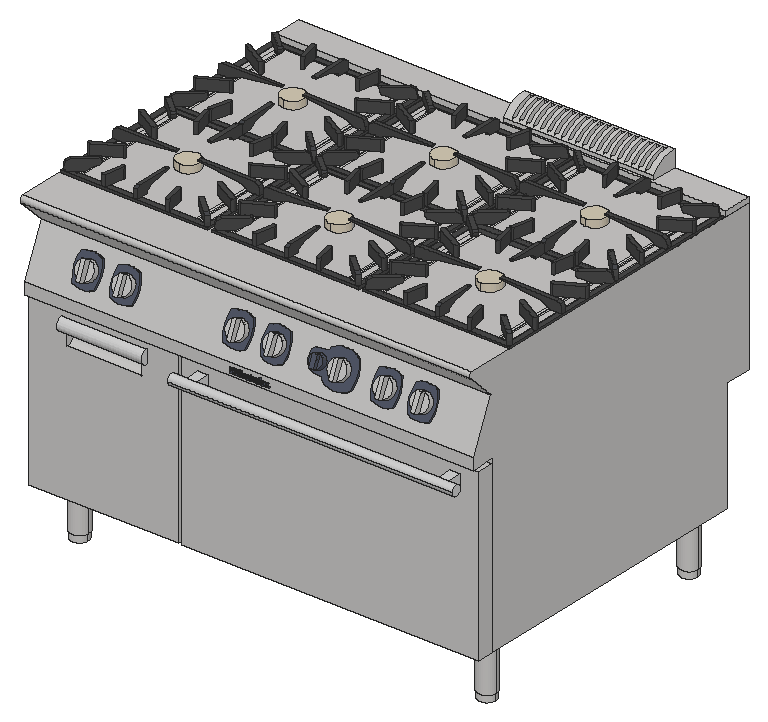
Revit family "QF_ELECTROLUXPROFESSIONAL_391462_E9AANABFMIE", category Attrezzature speciali, Revit 2018 (continued)
Automatic sketch dimensions
  Extrusion 36 sketch curve to Extrusion 36 sketch curve = 0.002 mm
  Extrusion 36 sketch curve to Extrusion 36 sketch curve = 0.561 mm
  Extrusion 36 sketch curve to Extrusion 36 sketch curve = 0.592 mm
  Extrusion 36 sketch curve to Extrusion 36 sketch curve = 2.692 mm
  Extrusion 36 sketch curve to Extrusion 36 sketch curve = 1.259 mm
  plane 7 "Center Y" to Extrusion 36 sketch curve = 48.858 mm
  Extrusion 36 sketch curve to Extrusion 36 sketch curve = 0.802 mm
  Extrusion 36 sketch curve to Extrusion 36 sketch curve = 1.024 mm
  Extrusion 36 sketch curve to Extrusion 36 sketch curve = 0.682 mm
  Extrusion 36 sketch curve to Extrusion 36 sketch curve = 5.934 mm
  Extrusion 36 sketch curve to Extrusion 36 sketch curve = 2.186 mm
  Extrusion 36 sketch curve to Extrusion 36 sketch curve = 0.337 mm
  Extrusion 36 sketch curve to Extrusion 36 sketch curve = 0.021 mm
  Extrusion 36 sketch curve to Extrusion 36 sketch curve = 1.005 mm
  Extrusion 36 sketch curve to Extrusion 36 sketch curve = 0.552 mm
  Extrusion 36 sketch curve to Extrusion 36 sketch curve = 0.778 mm
  Extrusion 36 sketch curve to Extrusion 36 sketch curve = 0.063 mm
  Extrusion 36 sketch curve to Extrusion 36 sketch curve = 1.023 mm
  Extrusion 36 sketch curve to Extrusion 36 sketch curve = 3.804 mm
  Extrusion 36 sketch curve to Extrusion 36 sketch curve = 0.486 mm
  Extrusion 36 sketch curve to Extrusion 36 sketch curve = 0.266 mm
  Extrusion 36 sketch curve to plane 7 "Center Y" = 0.787 mm
  Extrusion 36 sketch curve to Extrusion 36 sketch curve = 1.547 mm
  Extrusion 36 sketch curve to Extrusion 36 sketch curve = 0.717 mm  (x2)
  Extrusion 36 sketch curve to Extrusion 36 sketch curve = 1.667 mm
  plane 7 "Center Y" to Extrusion 36 sketch curve = 44.532 mm
  Extrusion 36 sketch curve to Extrusion 36 sketch curve = 3.174 mm
  plane 7 "Center Y" to Extrusion 36 sketch curve = 0.368 mm
  Extrusion 36 sketch curve to Extrusion 36 sketch curve = 0.388 mm
  Extrusion 36 sketch curve to Extrusion 36 sketch curve = 1.342 mm
  plane 7 "Center Y" to Extrusion 36 sketch curve = 50.135 mm
  Extrusion 36 sketch curve to Extrusion 36 sketch curve = 1.521 mm
  plane 7 "Center Y" to Extrusion 36 sketch curve = 51.694 mm
  Extrusion 36 sketch curve to Extrusion 36 sketch curve = 0.124 mm
  Extrusion 36 sketch curve to Extrusion 36 sketch curve = 0.291 mm
  plane 7 "Center Y" to Extrusion 36 sketch curve = 7.285 mm
  Extrusion 36 sketch curve to Extrusion 36 sketch curve = 1.049 mm  (x2)
  plane 7 "Center Y" to Extrusion 36 sketch curve = 47.668 mm
  Extrusion 36 sketch curve to Extrusion 36 sketch curve = 1.7 mm
  Extrusion 36 sketch curve to Extrusion 36 sketch curve = 0.894 mm
  Extrusion 36 sketch curve to Extrusion 36 sketch curve = 0.989 mm
  Extrusion 36 sketch curve to Extrusion 36 sketch curve = 1.168 mm
  Extrusion 36 sketch curve to Extrusion 36 sketch curve = 1.594 mm
  Extrusion 36 sketch curve to Extrusion 36 sketch curve = 0.731 mm
  Extrusion 36 sketch curve to Extrusion 36 sketch curve = 1.566 mm
  Extrusion 36 sketch curve to Extrusion 36 sketch curve = 0.064 mm
  plane 7 "Center Y" to Extrusion 36 sketch curve = 7.842 mm
  Extrusion 36 sketch curve to Extrusion 36 sketch curve = 0.556 mm
  Extrusion 36 sketch curve to Extrusion 36 sketch curve = 0.48 mm
  Extrusion 36 sketch curve to Extrusion 36 sketch curve = 0.228 mm
  Extrusion 36 sketch curve to Extrusion 36 sketch curve = 1.018 mm
  plane 7 "Center Y" to Extrusion 36 sketch curve = 37.429 mm
  Extrusion 36 sketch curve to Extrusion 36 sketch curve = 0.787 mm
  Extrusion 36 sketch curve to Extrusion 36 sketch curve = 0.618 mm
  plane 7 "Center Y" to Extrusion 36 sketch curve = 42.486 mm
  Extrusion 36 sketch curve to Extrusion 36 sketch curve = 1.672 mm
  plane 7 "Center Y" to Extrusion 36 sketch curve = 53.436 mm
  Extrusion 36 sketch curve to Extrusion 36 sketch curve = 1.361 mm
  Extrusion 36 sketch curve to Extrusion 36 sketch curve = 0.822 mm
  Extrusion 36 sketch curve to Extrusion 36 sketch curve = 0.069 mm
  Extrusion 36 sketch curve to Extrusion 36 sketch curve = 1.88 mm
  plane 7 "Center Y" to Extrusion 36 sketch curve = 35.269 mm
  Extrusion 36 sketch curve to Extrusion 36 sketch curve = 0.42 mm
  Extrusion 36 sketch curve to Extrusion 36 sketch curve = 0.062 mm
  Extrusion 36 sketch curve to Extrusion 36 sketch curve = 1.355 mm
  Extrusion 36 sketch curve to Extrusion 36 sketch curve = 2.34 mm
  Extrusion 36 sketch curve to Extrusion 36 sketch curve = 0.493 mm
  Extrusion 36 sketch curve to Extrusion 36 sketch curve = 0.136 mm
  Extrusion 36 sketch curve to Extrusion 36 sketch curve = 0.128 mm
  Extrusion 36 sketch curve to Extrusion 36 sketch curve = 3.616 mm
  Extrusion 36 sketch curve to Extrusion 36 sketch curve = 4.207 mm
  Extrusion 36 sketch curve to Extrusion 36 sketch curve = 0.183 mm
  Extrusion 36 sketch curve to Extrusion 36 sketch curve = 0.895 mm
  Extrusion 36 sketch curve to Extrusion 36 sketch curve = 1.314 mm
  Extrusion 36 sketch curve to Extrusion 36 sketch curve = 3.231 mm
  Extrusion 36 sketch curve to plane 7 "Center Y" = 23.526 mm
  Extrusion 36 sketch curve to Extrusion 36 sketch curve = 1.299 mm
  Extrusion 36 sketch curve to Extrusion 36 sketch curve = 1.214 mm
  plane 7 "Center Y" to Extrusion 36 sketch curve = 26.369 mm
  Extrusion 36 sketch curve to Extrusion 36 sketch curve = 1.264 mm
  Extrusion 36 sketch curve to Extrusion 36 sketch curve = 0.109 mm
  Extrusion 36 sketch curve to Extrusion 36 sketch curve = 0.357 mm
  Extrusion 36 sketch curve to Extrusion 36 sketch curve = 0.565 mm
  Extrusion 36 sketch curve to Extrusion 36 sketch curve = 2.504 mm
  Extrusion 36 sketch curve to Extrusion 36 sketch curve = 2.459 mm
  Extrusion 36 sketch curve to Extrusion 36 sketch curve = 0.983 mm
  Extrusion 36 sketch curve to Extrusion 36 sketch curve = 0.422 mm  (x2)
  Extrusion 36 sketch curve to Extrusion 36 sketch curve = 1.268 mm
  Extrusion 36 sketch curve to Extrusion 36 sketch curve = 0.671 mm
  Extrusion 36 sketch curve to Extrusion 36 sketch curve = 1.634 mm
  Extrusion 36 sketch curve to Extrusion 36 sketch curve = 0.132 mm
  Extrusion 36 sketch curve to Extrusion 36 sketch curve = 0.586 mm
  Extrusion 36 sketch curve to Extrusion 36 sketch curve = 1.241 mm
  Extrusion 36 sketch curve to Extrusion 36 sketch curve = 1.689 mm
  Extrusion 36 sketch curve to Extrusion 36 sketch curve = 0.627 mm
  Extrusion 36 sketch curve to Extrusion 36 sketch curve = 0.419 mm
  Extrusion 36 sketch curve to Extrusion 36 sketch curve = 1.514 mm
  Extrusion 36 sketch curve to Extrusion 36 sketch curve = 1.019 mm
  Extrusion 36 sketch curve to Extrusion 36 sketch curve = 0.065 mm
  Extrusion 36 sketch curve to Extrusion 36 sketch curve = 1.215 mm
  Extrusion 36 sketch curve to Extrusion 36 sketch curve = 1.122 mm
  Extrusion 36 sketch curve to Extrusion 36 sketch curve = 1.153 mm
  Extrusion 36 sketch curve to Extrusion 36 sketch curve = 1.223 mm
  Extrusion 36 sketch curve to Extrusion 36 sketch curve = 0.934 mm
  Extrusion 36 sketch curve to Extrusion 36 sketch curve = 3.376 mm
  Extrusion 36 sketch curve to Extrusion 36 sketch curve = 0.222 mm
  Extrusion 36 sketch curve to Extrusion 36 sketch curve = 1.383 mm
  Extrusion 36 sketch curve to Extrusion 36 sketch curve = 1.556 mm
  Extrusion 36 sketch curve to Extrusion 36 sketch curve = 2.559 mm
  Extrusion 36 sketch curve to Extrusion 36 sketch curve = 2.51 mm
  Extrusion 36 sketch curve to Extrusion 36 sketch curve = 0.131 mm
  Extrusion 36 sketch curve to Extrusion 36 sketch curve = 1.134 mm
  Extrusion 36 sketch curve to Extrusion 36 sketch curve = 0.094 mm
  Extrusion 36 sketch curve to Extrusion 36 sketch curve = 1.584 mm
  Extrusion 36 sketch curve to Extrusion 36 sketch curve = 0.27 mm
  Extrusion 36 sketch curve to Extrusion 36 sketch curve = 0.916 mm
  Extrusion 36 sketch curve to Extrusion 36 sketch curve = 0.352 mm
  Extrusion 36 sketch curve to Extrusion 36 sketch curve = 0.458 mm
  Extrusion 36 sketch curve to Extrusion 36 sketch curve = 1.282 mm
  Extrusion 36 sketch curve to Extrusion 36 sketch curve = 1.363 mm
  Extrusion 36 sketch curve to Extrusion 36 sketch curve = 0.685 mm
  Extrusion 36 sketch curve to Extrusion 36 sketch curve = 0.905 mm
  Extrusion 36 sketch curve to Extrusion 36 sketch curve = 1.477 mm
  Extrusion 36 sketch curve to Extrusion 36 sketch curve = 0.472 mm
  Extrusion 36 sketch curve to Extrusion 36 sketch curve = 0.101 mm
  Extrusion 36 sketch curve to Extrusion 36 sketch curve = 0.54 mm
  Extrusion 36 sketch curve to Extrusion 36 sketch curve = 0.02 mm
  Extrusion 36 sketch curve to Extrusion 36 sketch curve = 0.829 mm
  Extrusion 36 sketch curve to Extrusion 36 sketch curve = 0.582 mm
  Extrusion 36 sketch curve to Extrusion 36 sketch curve = 0.166 mm
  Extrusion 36 sketch curve to Extrusion 36 sketch curve = 0.16 mm
  Extrusion 36 sketch curve to Extrusion 36 sketch curve = 1.118 mm
  Extrusion 36 sketch curve to Extrusion 36 sketch curve = 0.613 mm
  Extrusion 36 sketch curve to Extrusion 36 sketch curve = 0.781 mm
  Extrusion 36 sketch curve to Extrusion 36 sketch curve = 0.361 mm
  Extrusion 36 sketch curve to Extrusion 36 sketch curve = 0.897 mm
  Extrusion 36 sketch curve to Extrusion 36 sketch curve = 0.167 mm
  Extrusion 36 sketch curve to Extrusion 36 sketch curve = 0.292 mm
  Extrusion 36 sketch curve to Extrusion 36 sketch curve = 0.305 mm
  Extrusion 36 sketch curve to Extrusion 36 sketch curve = 1.557 mm
  Extrusion 36 sketch curve to Extrusion 36 sketch curve = 2.499 mm
  Extrusion 36 sketch curve to Extrusion 36 sketch curve = 3.062 mm
  Extrusion 36 sketch curve to Extrusion 36 sketch curve = 2.968 mm
  Extrusion 36 sketch curve to Extrusion 36 sketch curve = 5.044 mm
  Extrusion 36 sketch curve to Extrusion 36 sketch curve = 0.629 mm  (x2)
  Extrusion 36 sketch curve to Extrusion 36 sketch curve = 1.131 mm
  Extrusion 36 sketch curve to Extrusion 36 sketch curve = 0.137 mm
  Extrusion 36 sketch curve to Extrusion 36 sketch curve = 0.027 mm
  Extrusion 36 sketch curve to Extrusion 36 sketch curve = 2.046 mm
  Extrusion 36 sketch curve to Extrusion 36 sketch curve = 2.235 mm
  Revolve 37 sketch curve to plane 9 "Base" = 0 mm  (x2)
  Revolve 37 sketch curve to level = 0 mm
  plane 3 "LEFT" to Revolve 37 sketch curve = 30.6 mm
  Revolve 37 sketch curve to Revolve 37 sketch curve = 2.5 mm
  Revolve 37 sketch curve to Revolve 37 sketch curve = 25.4 mm
  Revolve 37 sketch curve to Revolve 37 sketch curve = 0 mm
  level to Revolve 37 sketch curve = 19.05 mm
  plane 9 "Base" to Revolve 37 sketch curve = 20 mm
  Revolve 38 sketch curve to plane 9 "Base" = 0 mm  (x2)
  Revolve 38 sketch curve to level = 0 mm
  Revolve 38 sketch curve to plane 4 "RIGHT" = 30.6 mm
  Revolve 38 sketch curve to Revolve 38 sketch curve = 2.5 mm
  Revolve 38 sketch curve to Revolve 38 sketch curve = 25.4 mm
  Revolve 38 sketch curve to Revolve 38 sketch curve = 0 mm
  plane 9 "Base" to Revolve 38 sketch curve = 20 mm
  level to Revolve 38 sketch curve = 19.05 mm
  Revolve 39 sketch curve to plane 9 "Base" = 0 mm  (x2)
  Revolve 39 sketch curve to level = 0 mm
  plane 3 "LEFT" to Revolve 39 sketch curve = 30.6 mm
  Revolve 39 sketch curve to Revolve 39 sketch curve = 2.5 mm
  Revolve 39 sketch curve to Revolve 39 sketch curve = 25.4 mm
  Revolve 39 sketch curve to Revolve 39 sketch curve = 0 mm
  level to Revolve 39 sketch curve = 19.05 mm
  plane 9 "Base" to Revolve 39 sketch curve = 20 mm
  Revolve 40 sketch curve to plane 9 "Base" = 0 mm  (x2)
  Revolve 40 sketch curve to level = 0 mm
  Revolve 40 sketch curve to plane 4 "RIGHT" = 30.6 mm
  Revolve 40 sketch curve to Revolve 40 sketch curve = 2.5 mm
  Revolve 40 sketch curve to Revolve 40 sketch curve = 25.4 mm
  Revolve 40 sketch curve to Revolve 40 sketch curve = 0 mm
  plane 9 "Base" to Revolve 40 sketch curve = 20 mm
  level to Revolve 40 sketch curve = 19.05 mm
  Extrusion 41 sketch curve to Extrusion 1 = 43 mm
  Extrusion 41 sketch curve to Extrusion 1 = 276.222 mm
  plane 1 "BACK" to Extrusion 42 sketch curve = 63.911 mm  (x2)
  Extrusion 42 sketch curve to plane 4 "RIGHT" = 212.447 mm
  Extrusion 42 sketch curve to Extrusion 42 sketch curve = 9.296 mm  (x20)
  Extrusion 42 sketch curve to Extrusion 42 sketch curve = 9.397 mm  (x19)
  Extrusion 42 sketch curve to Extrusion 42 sketch curve = 0 mm  (x18)
  plane 1 "BACK" to Extrusion 42 sketch curve = 6.761 mm  (x20)
  curve 107 to plane 3 "LEFT" = 0 mm
  curve 107 to plane 4 "RIGHT" = 0 mm
  plane 7 "Center Y" to curve 106 = 2.4 mm
  curve 106 to plane 13 = 58.15 mm
  curve 106 to plane 4 "RIGHT" = 197.6 mm
  curve 107 to plane 13 = 51.8 mm
  plane 11 to curve 10 = 0 mm
  curve 3 to plane 4 "RIGHT" = 0 mm
  curve 4 to plane 4 "RIGHT" = 0 mm
  plane 11 to curve 13 = 0 mm
  plane 1 "BACK" to curve 98 = 0 mm
  curve 5 to plane 3 "LEFT" = 0 mm
  curve 1 to plane 3 "LEFT" = 0 mm
  plane 11 to curve 8 = 0 mm
  curve 2 to plane 15 = 0 mm
  plane 4 "RIGHT" to curve 9 = 100 mm
  curve 11 to plane 4 "RIGHT" = 19.875 mm
  plane 11 to curve 13 = 8.549 mm
  curve 12 to curve 13 = 30.925 mm
  curve 13 to curve 15 = 25.4 mm
  curve 98 to plane 4 "RIGHT" = 197.6 mm
  curve 98 to curve 67 = 14.847 mm
  curve 66 to curve 68 = 9.296 mm
  curve 68 to curve 70 = 9.397 mm
  curve 70 to curve 73 = 9.296 mm
  curve 72 to curve 74 = 9.397 mm
  curve 74 to curve 75 = 9.296 mm
  curve 75 to curve 79 = 9.397 mm
  curve 78 to curve 79 = 9.296 mm
  curve 79 to curve 83 = 9.397 mm
  curve 82 to curve 84 = 9.296 mm
  curve 83 to curve 87 = 9.397 mm
  curve 86 to curve 88 = 9.296 mm
  curve 88 to curve 90 = 9.397 mm
  curve 90 to curve 92 = 9.296 mm
  curve 92 to curve 97 = 9.397 mm
  curve 94 to curve 97 = 9.296 mm
  curve 96 to curve 25 = 9.397 mm
  curve 22 to curve 23 = 9.296 mm
  curve 23 to curve 27 = 9.397 mm
  curve 26 to curve 28 = 9.296 mm
  curve 28 to curve 33 = 9.397 mm
  curve 30 to curve 31 = 9.296 mm
  curve 31 to curve 35 = 9.397 mm
  curve 34 to curve 36 = 9.296 mm
  curve 35 to curve 38 = 9.397 mm
  curve 38 to curve 39 = 9.296 mm
  curve 40 to curve 42 = 9.397 mm
  curve 42 to curve 44 = 9.296 mm
  curve 43 to curve 46 = 9.397 mm
  curve 46 to curve 48 = 9.296 mm
  curve 47 to curve 50 = 9.397 mm
  curve 50 to curve 51 = 9.296 mm
  curve 52 to curve 54 = 9.397 mm
  curve 54 to curve 57 = 9.296 mm
  curve 55 to curve 59 = 9.397 mm
  curve 58 to curve 61 = 9.296 mm
  curve 59 to curve 62 = 9.397 mm
  curve 62 to curve 64 = 9.296 mm
  curve 64 to curve 21 = 9.397 mm
  curve 18 to curve 20 = 9.296 mm
  plane 7 "Center Y" to curve 99 = 2.4 mm
  plane 11 to curve 104 = 8.549 mm
  curve 104 to plane 7 "Center Y" = 123.8 mm
  curve 101 to curve 100 = 25.4 mm
  plane 11 to curve 102 = 7.049 mm
  curve 16 to curve 102 = 30.925 mm
  curve 4 to curve 8 = 100 mm
  curve 10 to plane 1 "BACK" = 100 mm
  plane 1 "BACK" to curve 84 = 6.761 mm
  plane 1 "BACK" to curve 86 = 6.761 mm
  plane 1 "BACK" to curve 90 = 6.761 mm
  plane 1 "BACK" to curve 81 = 6.761 mm
  plane 1 "BACK" to curve 53 = 6.761 mm
  plane 1 "BACK" to curve 97 = 6.761 mm
  plane 1 "BACK" to curve 77 = 6.761 mm
  plane 1 "BACK" to curve 18 = 6.761 mm
  plane 1 "BACK" to curve 73 = 6.761 mm
  plane 1 "BACK" to curve 22 = 6.761 mm
  plane 1 "BACK" to curve 69 = 6.761 mm
  plane 1 "BACK" to curve 26 = 6.761 mm
  plane 1 "BACK" to curve 65 = 6.761 mm
  plane 1 "BACK" to curve 30 = 6.761 mm
  plane 1 "BACK" to curve 61 = 6.761 mm
  plane 1 "BACK" to curve 34 = 6.761 mm
  plane 1 "BACK" to curve 57 = 6.761 mm
  plane 1 "BACK" to curve 38 = 6.761 mm
  plane 1 "BACK" to curve 49 = 6.761 mm
  plane 1 "BACK" to curve 42 = 6.761 mm
  curve 44 to curve 44 = 57.15 mm
  curve 46 to curve 43 = 0 mm
  curve 42 to curve 40 = 0 mm
  curve 50 to curve 47 = 0 mm
  curve 92 to curve 92 = 57.15 mm
  curve 38 to curve 36 = 0 mm
  curve 54 to curve 51 = 0 mm
  curve 34 to curve 32 = 0 mm
  curve 58 to curve 55 = 0 mm
  curve 30 to curve 28 = 0 mm
  curve 62 to curve 59 = 0 mm
  curve 26 to curve 24 = 0 mm
  curve 66 to curve 66 = 57.15 mm
  curve 20 to curve 63 = 0 mm
  curve 70 to curve 67 = 0 mm
  curve 94 to curve 91 = 0 mm
  curve 74 to curve 71 = 0 mm
  curve 78 to curve 75 = 0 mm
  curve 90 to curve 88 = 0 mm
  curve 82 to curve 79 = 0 mm
  curve 66 to curve 98 = 5.939 mm
  curve 19 to curve 99 = 5.939 mm
  plane 11 to curve 17 = 7.049 mm
  curve 105 to curve 101 = 1.5 mm
  curve 12 to curve 11 = 25.4 mm
  radius of Extrusion 4 sketch curve = 6.4 mm
  radius of Extrusion 9 sketch curve = 12.7 mm
  radius of Extrusion 13 sketch curve = 25.4 mm
  radius of Extrusion 14 sketch curve to Extrusion 13 = 0 mm  (x2)
  radius of Extrusion 16 sketch curve = 25.4 mm
  radius of Extrusion 17 sketch curve to Extrusion 16 = 0 mm  (x2)
  radius of Extrusion 18 sketch curve = 18.37 mm
  radius of Extrusion 21 sketch curve = 25.4 mm
  radius of Extrusion 22 sketch curve to Extrusion 21 = 0 mm  (x2)
  radius of Extrusion 24 sketch curve = 25.4 mm
  radius of Extrusion 25 sketch curve to Extrusion 24 = 0 mm  (x2)
  radius of Extrusion 28 sketch curve = 25.4 mm
  radius of Extrusion 29 sketch curve to Extrusion 28 = 0 mm  (x2)
  radius of Extrusion 31 sketch curve = 25.4 mm
  radius of Extrusion 32 sketch curve to Extrusion 31 = 0 mm  (x2)
  radius of Extrusion 34 sketch curve = 25.4 mm
  radius of Extrusion 35 sketch curve to Extrusion 34 = 0 mm  (x2)
  radius of Extrusion 41 sketch curve = 12.7 mm
Nested families
  nested 1: "371009_BURNER" at (0, -440.6, 0), type "371009_BURNER"
    with Type Mark "", Status "", Specification by User "", Revision Code "", Item Number "", Installed By "", Identify Quantity as Lot yes, Furnished By "", Foodservice Equipment Identifier yes
  nested 2: "371009_BURNER" at (403.15, -440.6, 0), type "371009_BURNER"
    with Type Mark "", Status "", Specification by User "", Revision Code "", Item Number "", Installed By "", Identify Quantity as Lot yes, Furnished By "", Foodservice Equipment Identifier yes
  nested 3: "371009_BURNER" at (1200, -440.6, 0) x (-1, 0, 0) z (0, 0, 1), type "371009_BURNER"
    with Type Mark "", Status "", Specification by User "", Revision Code "", Item Number "", Installed By "", Identify Quantity as Lot yes, Furnished By "", Foodservice Equipment Identifier yes
  nested 4: "371009_BURNER" at (0, -440.6, 0), type "371009_BURNER"
    with Type Mark "", Status "", Specification by User "", Revision Code "", Item Number "", Installed By "", Identify Quantity as Lot yes, Furnished By "", Foodservice Equipment Identifier yes
  nested 5: "371009_BURNER" at (403.15, -440.6, 0), type "371009_BURNER"
    with Type Mark "", Status "", Specification by User "", Revision Code "", Item Number "", Installed By "", Identify Quantity as Lot yes, Furnished By "", Foodservice Equipment Identifier yes
  nested 6: "371009_BURNER" at (1200, -440.6, 0) x (-1, 0, 0) z (0, 0, 1), type "371009_BURNER"
    with Type Mark "", Status "", Specification by User "", Revision Code "", Item Number "", Installed By "", Identify Quantity as Lot yes, Furnished By "", Foodservice Equipment Identifier yes
Connectors
  piping at (1149, -665, 129), diameter 12.8
    settings: on Extrusion 4, index 1, connector inside diameter 0.50394", connector length 0 mm, flow factor 0, pipe flow 0 GPM, pressure drop 0.00 psi, fitting loss kfactor 0, connector angle 0.00°, fixture units 0, engagement length 0 mm, angle of deflection 0.00°, flow configuration 1, flow direction 1, fitting loss method 0, system type 7, joint type 0, gender type 0, connector reference index -1, connector utility 0, adjustable connector no, is connector primary yes, connector description "GAS CONNECTION"
Definition of nested family "371009_BURNER"
  Parameters
    Weight in Pounds = 0
    URL Cutsheet = ""
    URL = "www.electrolux.com"
    Type Mark [instance] = ""
    Status [instance] = ""
    Specification by User [instance] = ""
    Specification by Manufacturer = ""
    Show Clearance [instance] = yes
    Serial Number = ""
    Seismic Rating = ""
    SMACNA No = ""
    Revision Code [instance] = ""
    Omniclass Number and Title = ""
    NAFEM Spec ID Number = ""
    Model = "371009"
    Masterspec = ""
    Manufacturer = "ELECTROLUX"
    Item Number [instance] = ""
    Installed By [instance] = ""
    Identify Quantity as Lot [instance] = yes
    Furnished By [instance] = ""
    Foodservice Equipment Identifier [instance] = yes
    Description = ""
    CSI MasterFormat = ""
    CSI Master Format = ""
  Reference planes
    plane 1 "BACK": y = 0
    plane 2: z = 0
    plane 3 "LEFT": x = 0
    plane 4 "RIGHT": x = 393.7
    plane 5 "FRONT": y = -355.6
    plane 6 "TOP": z = 908.85
    plane 7 "Center Y": x = 196.85
    plane 8 "Center X": y = -177.8
    plane 9 "Base": z = 150
    plane 10: z = 850.85
  Forms (mm)
    Extrusion 1, solid
      sketch origin (-6.433, -404.961, 5) x (1, 0, 0) y (0, 0, -1)
        loop
          arc (7.142, -850.85) -> (6.739, -862.989) -> (9.761, -874.752) r 42.809
          line (9.761, -874.752) -> (19.961, -879.425) -> (173.122, -879.425)
          arc (173.122, -879.425) -> (174.316, -878.312) -> (173.289, -877.043) r 1.197
          line (173.289, -877.043) -> (64.848, -864.021)
          arc (64.848, -864.021) -> (50.111, -858.738) -> (36.589, -850.85) r 85.245
          line (36.589, -850.85) -> (7.142, -850.85)
        loop
          line (399.424, -850.85) -> (369.977, -850.85)
          arc (369.977, -850.85) -> (356.455, -858.738) -> (341.718, -864.021) r 85.245
          line (341.718, -864.021) -> (233.277, -877.043)
          arc (233.277, -877.043) -> (232.25, -878.312) -> (233.444, -879.425) r 1.197
          line (233.444, -879.425) -> (386.605, -879.425) -> (396.806, -874.752)
          arc (396.806, -874.752) -> (399.827, -862.989) -> (399.424, -850.85) r 42.809
      from 224.564 to 234.564
    Extrusion 2, solid
      sketch origin (196.85, 175.397, 1219.2) x (0, 1, 0) y (0, 0, 1)
        loop
          line (-204.463, -363.35) -> (-175.397, -363.35) -> (-175.397, -339.506)
          arc (-175.397, -339.506) -> (-181.025, -338.266) -> (-185.611, -334.775) r 13.39
          line (-185.611, -334.775) -> (-278.903, -334.775)
          arc (-278.903, -334.775) -> (-280.097, -335.888) -> (-279.07, -337.157) r 1.197
          line (-279.07, -337.157) -> (-227.151, -347.464)
          arc (-227.151, -347.464) -> (-213.741, -352.457) -> (-204.463, -363.35) r 28.426
        loop
          arc (-496.332, -363.35) -> (-487.053, -352.457) -> (-473.644, -347.464) r 28.426
          line (-473.644, -347.464) -> (-421.725, -337.157)
          arc (-421.725, -337.157) -> (-420.697, -335.888) -> (-421.891, -334.775) r 1.197
          line (-421.891, -334.775) -> (-515.184, -334.775)
          arc (-515.184, -334.775) -> (-519.769, -338.266) -> (-525.397, -339.506) r 13.39
          line (-525.397, -339.506) -> (-525.397, -363.35) -> (-496.332, -363.35)
      from -5 to 5
    Extrusion 3, solid
      sketch origin (-6.433, 367.064, 850.85) x (0, -1, 0) y (1, 0, 0)
        loop
          line (722.664, 6.433) -> (722.664, 400.133) -> (367.064, 400.133) -> (367.064, 6.433) -> (722.664, 6.433)
        loop
          line (382.064, 21.433) -> (707.664, 21.433) -> (707.664, 385.133) -> (382.064, 385.133) -> (382.064, 21.433)
      from 0 to 5
    Extrusion 4, solid
      sketch origin (-18.933, 367.064, 855.85) x (0, -1, 0) y (1, 0, 0)
        loop
          circle (541.667, 215.783) r 30
      from -1.321 to 17.134
    Extrusion 5, solid
      sketch origin (-6.433, -367.064, 0) x (1, 0, 0) y (0, 0, -1)
        loop
          line (21.433, -855.85) -> (36.589, -855.85)
          arc (36.589, -855.85) -> (40.561, -855.243) -> (44.305, -853.783) r 18.259
          arc (44.305, -853.783) -> (45.997, -853.366) -> (47.69, -853.783) r 3.649
          arc (47.69, -853.783) -> (49.901, -854.522) -> (52.232, -854.529) r 7.328
          line (52.232, -854.529) -> (354.334, -854.529)
          arc (354.334, -854.529) -> (356.666, -854.522) -> (358.877, -853.783) r 7.328
          arc (358.877, -853.783) -> (360.569, -853.366) -> (362.261, -853.783) r 3.649
          arc (362.261, -853.783) -> (366.005, -855.243) -> (369.977, -855.85) r 18.259
          line (369.977, -855.85) -> (385.133, -855.85) -> (385.133, -850.85) -> (21.433, -850.85) -> (21.433, -855.85)
      from 26.464 to 352.064
    Extrusion 6, solid
      sketch origin (83.284, -458.334, 5) x (0.742103, 0.670286, 0) y (0, 0, -1)
        loop
          arc (88.629, -864.012) -> (73.909, -858.731) -> (60.402, -850.85) r 85.245
          line (60.402, -850.85) -> (14.993, -850.85)
          arc (14.993, -850.85) -> (14.642, -862.948) -> (17.686, -874.663) r 42.876
          line (17.686, -874.663) -> (27.899, -879.425) -> (89.664, -879.425)
          arc (89.664, -879.425) -> (92.39, -878.352) -> (93.654, -875.709) r 4
          arc (93.654, -875.709) -> (92.562, -869.25) -> (88.629, -864.012) r 13.87
        loop
          arc (457.638, -864.012) -> (453.704, -869.25) -> (452.613, -875.709) r 13.87
          arc (452.613, -875.709) -> (453.876, -878.352) -> (456.603, -879.425) r 4
          line (456.603, -879.425) -> (518.367, -879.425) -> (528.581, -874.663)
          arc (528.581, -874.663) -> (531.624, -862.948) -> (531.273, -850.85) r 42.876
          line (531.273, -850.85) -> (485.865, -850.85)
          arc (485.865, -850.85) -> (472.357, -858.731) -> (457.638, -864.012) r 85.245
      from 127.064 to 137.064
    Extrusion 7, solid
      sketch origin (310.416, -458.334, 5) x (-0.742103, 0.670286, 0) y (0, 0, 1)
        loop
          arc (88.629, 864.012) -> (92.562, 869.25) -> (93.654, 875.709) r 13.87
          arc (93.654, 875.709) -> (92.39, 878.352) -> (89.664, 879.425) r 4
          line (89.664, 879.425) -> (27.899, 879.425) -> (17.686, 874.663)
          arc (17.686, 874.663) -> (14.642, 862.948) -> (14.993, 850.85) r 42.876
          line (14.993, 850.85) -> (60.402, 850.85)
          arc (60.402, 850.85) -> (73.909, 858.731) -> (88.629, 864.012) r 85.245
        loop
          arc (457.638, 864.012) -> (472.357, 858.731) -> (485.865, 850.85) r 85.245
          line (485.865, 850.85) -> (531.273, 850.85)
          arc (531.273, 850.85) -> (531.624, 862.948) -> (528.581, 874.663) r 42.876
          line (528.581, 874.663) -> (518.367, 879.425) -> (456.603, 879.425)
          arc (456.603, 879.425) -> (453.876, 878.352) -> (452.613, 875.709) r 4
          arc (452.613, 875.709) -> (453.704, 869.25) -> (457.638, 864.012) r 13.87
      from 127.064 to 137.064
    Extrusion 8, solid
      sketch origin (-6.433, 367.064, 855.85) x (0, -1, 0) y (1, 0, 0)
        loop
          arc (626.166, 9.428) -> (632.956, 7.454) -> (634.93, 14.244) r 5
          line (634.93, 14.244) -> (600.514, 76.878)
          arc (600.514, 76.878) -> (593.724, 78.852) -> (591.75, 72.062) r 5
          line (591.75, 72.062) -> (626.166, 9.428)
        loop
          line (463.562, 9.428) -> (497.977, 72.062)
          arc (497.977, 72.062) -> (496.003, 78.852) -> (489.213, 76.878) r 5
          line (489.213, 76.878) -> (454.798, 14.244)
          arc (454.798, 14.244) -> (456.772, 7.454) -> (463.562, 9.428) r 5
        loop
          line (626.166, 397.138) -> (591.75, 334.504)
          arc (591.75, 334.504) -> (593.724, 327.714) -> (600.514, 329.689) r 5
          line (600.514, 329.689) -> (634.93, 392.323)
          arc (634.93, 392.323) -> (632.956, 399.113) -> (626.166, 397.138) r 5
        loop
          arc (463.562, 397.138) -> (456.772, 399.113) -> (454.798, 392.323) r 5
          line (454.798, 392.323) -> (489.213, 329.689)
          arc (489.213, 329.689) -> (496.003, 327.714) -> (497.977, 334.504) r 5
          line (497.977, 334.504) -> (463.562, 397.138)
        loop
          line (715.14, 293.499) -> (666.703, 282.317)
          arc (666.703, 282.317) -> (662.956, 276.32) -> (668.953, 272.573) r 5
          line (668.953, 272.573) -> (717.389, 283.756)
          arc (717.389, 283.756) -> (721.136, 289.752) -> (715.14, 293.499) r 5
        loop
          arc (715.14, 113.067) -> (721.136, 116.814) -> (717.389, 122.811) r 5
          line (717.389, 122.811) -> (668.953, 133.993)
          arc (668.953, 133.993) -> (662.956, 130.246) -> (666.703, 124.249) r 5
          line (666.703, 124.249) -> (715.14, 113.067)
        loop
          arc (374.588, 293.499) -> (368.591, 289.752) -> (372.338, 283.756) r 5
          line (372.338, 283.756) -> (420.775, 272.573)
          arc (420.775, 272.573) -> (426.771, 276.32) -> (423.024, 282.317) r 5
          line (423.024, 282.317) -> (374.588, 293.499)
        loop
          line (374.588, 113.067) -> (423.024, 124.249)
          arc (423.024, 124.249) -> (426.771, 130.246) -> (420.775, 133.993) r 5
          line (420.775, 133.993) -> (372.338, 122.811)
          arc (372.338, 122.811) -> (368.591, 116.814) -> (374.588, 113.067) r 5
      from 0 to 28.575
  Lines and regions (mm)
    symbolic lines
      curve 1: line (0, -355.6, 150) -> (393.7, -355.6, 150)
      curve 2: line (0, 0, 150) -> (0, -355.6, 150)
      curve 3: line (393.7, -355.6, 150) -> (393.7, 0, 150)
      curve 4: line (369.633, -15, 150) -> (285.34, -15, 150)
      curve 5: line (24.067, -340.6, 150) -> (108.36, -340.6, 150)
      curve 6: line (157.475, -170.397, 150) -> (157.475, -15, 150)
      curve 7: line (236.225, -170.397, 150) -> (236.225, -15, 150)
      curve 8: line (201.85, -350, 150) -> (201.85, -176.674, 150)
      curve 9: line (0, -180.397, 150) -> (167.224, -180.397, 150)
      curve 10: line (393.7, -170.397, 150) -> (228.275, -170.397, 150)
      curve 11: line (15, -180.397, 150) -> (15, -252.506, 150)
      curve 12: line (45.799, -340.6, 150) -> (45.799, -320.971, 150)
      curve 13: line (167.224, -170.397, 150) -> (0, -170.397, 150)
      curve 14: line (228.275, -180.504, 150) -> (393.7, -180.504, 150)
      curve 15: arc (228.275, -170.397, 150) -> (223.221, -175.45, 150) -> (228.275, -180.504, 150) r 5.054
      curve 16: arc (167.224, -170.397, 150) -> (172.224, -175.397, 150) -> (167.224, -180.397, 150) r 5
      curve 17: line (191.85, -176.674, 150) -> (191.85, -350, 150)
      curve 18: line (201.85, -134.556, 150) -> (201.85, -0.794, 150)
      curve 19: arc (201.85, -176.674, 150) -> (196.85, -171.674, 150) -> (191.85, -176.674, 150) r 5
      curve 20: arc (201.85, -134.556, 150) -> (196.85, -139.556, 150) -> (191.85, -134.556, 150) r 5
      curve 21: line (191.85, -15, 150) -> (118.623, -15, 150)
      curve 22: arc (201.85, -29.042, 150) -> (213.272, -50.008, 150) -> (201.85, -70.973, 150) r 24.953
      curve 23: arc (213.086, -53.048, 150) -> (214.5, -50.008, 150) -> (213.086, -46.967, 150) r 3.975
      curve 24: arc (191.85, -29.852, 150) -> (181.339, -50.008, 150) -> (191.85, -70.163, 150) r 24.58
      curve 25: arc (181.527, -53.042, 150) -> (179.976, -50.008, 150) -> (181.527, -46.973, 150) r 3.745
      curve 26: line (191.85, -0.794, 150) -> (191.85, -134.556, 150)
      curve 27: line (191.85, -350, 150) -> (201.85, -350, 150)
      curve 28: line (191.85, -11.007, 150) -> (201.85, -11.007, 150)
      curve 29: line (191.85, -0.794, 150) -> (201.85, -0.794, 150)
      curve 30: line (201.85, -340.6, 150) -> (275.077, -340.6, 150)
      curve 31: arc (196.85, -145.397, 0) -> (166.955, -172.888, 0) -> (191.85, -204.977, 0) r 30
      curve 32: arc (201.85, -204.977, 0) -> (226.745, -172.888, 0) -> (196.85, -145.397, 0) r 30
      curve 33: arc (158.678, -180.397, 0) -> (170.734, -200.207, 0) -> (191.85, -209.795, 0) r 39.375
      curve 34: line (163.825, -170.397, 150) -> (163.825, -15, 150)
      curve 35: line (229.875, -170.397, 150) -> (229.875, -15, 150)
      curve 36: line (144.775, -170.397, 150) -> (144.775, -15, 150)
      curve 37: line (248.925, -170.397, 150) -> (248.925, -15, 150)
      curve 38: arc (145.678, -180.397, 0) -> (161.728, -209.187, 0) -> (191.85, -222.573, 0) r 52.075
      curve 39: arc (201.85, -209.795, 0) -> (222.966, -200.207, 0) -> (235.022, -180.397, 0) r 39.375
      curve 40: arc (201.85, -222.573, 0) -> (231.931, -209.224, 0) -> (248.001, -180.504, 0) r 52.075
      curve 41: line (393.7, 0, 0) -> (0, 0, 0)
      curve 42: line (70.445, -122.149, 0) -> (7.81, -87.734, 0)
      curve 43: arc (7.81, -87.734, 0) -> (1.021, -89.708, 0) -> (2.995, -96.498, 0) r 5
      curve 44: line (2.995, -96.498, 0) -> (65.629, -130.914, 0)
      curve 45: arc (65.629, -130.914, 0) -> (72.419, -128.939, 0) -> (70.445, -122.149, 0) r 5
      curve 46: line (65.629, -224.686, 0) -> (2.995, -259.102, 0)
      curve 47: arc (2.995, -259.102, 0) -> (1.021, -265.892, 0) -> (7.81, -267.866, 0) r 5
      curve 48: line (7.81, -267.866, 0) -> (70.445, -233.451, 0)
      curve 49: arc (70.445, -233.451, 0) -> (72.419, -226.661, 0) -> (65.629, -224.686, 0) r 5
      curve 50: line (323.255, -122.149, 0) -> (385.89, -87.734, 0)
      curve 51: arc (385.89, -87.734, 0) -> (392.679, -89.708, 0) -> (390.705, -96.498, 0) r 5
      curve 52: line (390.705, -96.498, 0) -> (328.071, -130.914, 0)
      curve 53: arc (328.071, -130.914, 0) -> (321.281, -128.939, 0) -> (323.255, -122.149, 0) r 5
      curve 54: line (328.071, -224.686, 0) -> (390.705, -259.102, 0)
      curve 55: arc (390.705, -259.102, 0) -> (392.679, -265.892, 0) -> (385.89, -267.866, 0) r 5
      curve 56: line (385.89, -267.866, 0) -> (323.255, -233.451, 0)
      curve 57: arc (323.255, -233.451, 0) -> (321.281, -226.661, 0) -> (328.071, -224.686, 0) r 5
      curve 58: line (118.623, -340.6, 150) -> (191.85, -340.6, 150)
      curve 59: line (285.34, -340.6, 150) -> (369.633, -340.6, 150)
      curve 60: line (378.7, -335.314, 0) -> (378.7, -263.916, 0)
      curve 61: line (1.326, -7.935, 0) -> (58.752, -59.804, 0)
      curve 62: line (65.455, -52.383, 0) -> (8.029, -0.514, 0)
      curve 63: arc (58.752, -59.804, 0) -> (65.814, -59.445, 0) -> (65.455, -52.383, 0) r 5
      curve 64: line (1.326, -7.935, 0) -> (8.029, -0.514, 0)
      curve 65: line (392.374, -7.935, 0) -> (334.948, -59.804, 0)
      curve 66: line (328.245, -52.383, 0) -> (385.671, -0.514, 0)
      curve 67: arc (334.948, -59.804, 0) -> (327.886, -59.445, 0) -> (328.245, -52.383, 0) r 5
      curve 68: line (392.374, -7.935, 0) -> (385.671, -0.514, 0)
      curve 69: line (392.374, -347.665, 0) -> (334.948, -295.796, 0)
      curve 70: line (328.245, -303.217, 0) -> (385.671, -355.086, 0)
      curve 71: arc (334.948, -295.796, 0) -> (327.886, -296.155, 0) -> (328.245, -303.217, 0) r 5
      curve 72: line (392.374, -347.665, 0) -> (385.671, -355.086, 0)
      curve 73: line (1.326, -347.665, 0) -> (58.752, -295.796, 0)
      curve 74: line (65.455, -303.217, 0) -> (8.029, -355.086, 0)
      curve 75: arc (58.752, -295.796, 0) -> (65.814, -296.155, 0) -> (65.455, -303.217, 0) r 5
      curve 76: line (1.326, -347.665, 0) -> (8.029, -355.086, 0)
      curve 77: line (347.901, -15, 0) -> (347.901, -34.629, 0)
      curve 78: line (347.901, -320.971, 0) -> (347.901, -340.6, 0)
      curve 79: line (378.7, -252.506, 0) -> (378.7, -180.397, 0)
      curve 80: line (347.901, -246.993, 0) -> (347.901, -307.496, 0)
      curve 81: line (378.7, -170.397, 0) -> (378.7, -103.094, 0)
      curve 82: line (347.901, -180.397, 0) -> (347.901, -235.582, 0)
      curve 83: line (378.7, -91.684, 0) -> (378.7, -20.286, 0)
      curve 84: line (347.901, -120.018, 0) -> (347.901, -170.397, 0)
      curve 85: line (347.901, -48.104, 0) -> (347.901, -108.607, 0)
      curve 86: line (275.077, -15, 150) -> (201.85, -15, 150)
      curve 87: line (108.36, -15, 150) -> (24.067, -15, 150)
      curve 88: line (45.799, -40, 150) -> (45.799, -15, 150)
      curve 89: line (45.799, -108.607, 150) -> (45.799, -40, 150)
      curve 90: line (15, -20.286, 0) -> (15, -91.684, 0)
      curve 91: line (15, -103.094, 0) -> (15, -170.397, 0)
      curve 92: line (45.799, -170.397, 150) -> (45.799, -120.018, 150)
      curve 93: line (45.799, -235.582, 150) -> (45.799, -180.397, 150)
      curve 94: line (15, -263.916, 150) -> (15, -335.314, 150)
      curve 95: line (45.799, -307.496, 150) -> (45.799, -246.993, 150)
      curve 96: line (116.378, -350.325, 0) -> (127.56, -301.889, 0)
      curve 97: arc (127.56, -301.889, 0) -> (123.813, -295.892, 0) -> (117.816, -299.64, 0) r 5
      curve 98: line (117.816, -299.64, 0) -> (106.634, -348.076, 0)
      curve 99: arc (106.634, -348.076, 0) -> (110.381, -354.072, 0) -> (116.378, -350.325, 0) r 5
      curve 100: line (266.14, -301.889, 0) -> (277.322, -350.325, 0)
      curve 101: arc (277.322, -350.325, 0) -> (283.319, -354.072, 0) -> (287.066, -348.076, 0) r 5
      curve 102: line (287.066, -348.076, 0) -> (275.884, -299.64, 0)
      curve 103: arc (275.884, -299.64, 0) -> (269.887, -295.892, 0) -> (266.14, -301.889, 0) r 5
      curve 104: line (275.884, -55.96, 0) -> (287.066, -7.524, 0)
      curve 105: arc (287.066, -7.524, 0) -> (283.319, -1.528, 0) -> (277.322, -5.275, 0) r 5
      curve 106: line (277.322, -5.275, 0) -> (266.14, -53.711, 0)
      curve 107: arc (266.14, -53.711, 0) -> (269.887, -59.708, 0) -> (275.884, -55.96, 0) r 5
      curve 108: line (127.56, -53.711, 0) -> (116.378, -5.275, 0)
      curve 109: arc (116.378, -5.275, 0) -> (110.381, -1.528, 0) -> (106.634, -7.524, 0) r 5
      curve 110: line (106.634, -7.524, 0) -> (117.816, -55.96, 0)
      curve 111: arc (117.816, -55.96, 0) -> (123.813, -59.708, 0) -> (127.56, -53.711, 0) r 5
  Dimensions and locks
    equal spacing: plane 3 "LEFT", plane 7 "Center Y", plane 4 "RIGHT"
    plane 3 "LEFT" to plane 4 "RIGHT" = 393.7 mm
    equal spacing: plane 5 "FRONT", plane 8 "Center X", plane 1 "BACK"
    plane 5 "FRONT" to plane 1 "BACK" = 355.6 mm
    plane 6 "TOP" to level = 908.85 mm
    plane 9 "Base" to level = 150 mm
    plane 6 "TOP" to plane 10 = 58 mm  (x2)
    locked: Extrusion 4 sketch curve to plane 7 "Center Y" at 0
    aligned and locked: level to plane 2
  Automatic sketch dimensions
    curve 10 to plane 4 "RIGHT" = 0 mm
    curve 20 to plane 7 "Center Y" = 0 mm
    curve 19 to plane 7 "Center Y" = 0 mm
    curve 9 to plane 3 "LEFT" = 0 mm
    plane 1 "BACK" to curve 2 = 0 mm
    plane 1 "BACK" to curve 3 = 0 mm
    plane 5 "FRONT" to curve 2 = 0 mm
    curve 4 to plane 4 "RIGHT" = 24.067 mm
    curve 59 to plane 4 "RIGHT" = 24.067 mm
    plane 1 "BACK" to curve 37 = 15 mm
    plane 7 "Center Y" to curve 37 = 52.075 mm
    curve 37 to curve 7 = 12.7 mm
    curve 7 to curve 35 = 6.35 mm
    plane 8 "Center X" to curve 15 = 2.35 mm
    curve 35 to curve 15 = 1.6 mm
    plane 7 "Center Y" to curve 23 = 16.236 mm
    curve 23 to curve 23 = 0 mm
    curve 23 to curve 23 = 2.56 mm
    curve 23 to curve 24 = 4.607 mm
    plane 7 "Center Y" to curve 86 = 5 mm
    plane 7 "Center Y" to curve 27 = 5 mm
    curve 22 to plane 7 "Center Y" = 8.531 mm
    curve 22 to curve 25 = 4.597 mm
    curve 25 to curve 25 = 2.194 mm  (x2)
    curve 9 to plane 8 "Center X" = 2.597 mm
    curve 17 to curve 9 = 24.626 mm
    curve 21 to curve 34 = 28.025 mm
    curve 34 to curve 6 = 6.35 mm
    plane 8 "Center X" to curve 36 = 7.403 mm
    curve 6 to curve 36 = 12.7 mm
    plane 3 "LEFT" to curve 12 = 45.799 mm
    plane 3 "LEFT" to curve 87 = 24.067 mm
    plane 3 "LEFT" to curve 5 = 24.067 mm
    plane 1 "BACK" to curve 26 = 0.794 mm
    curve 28 to curve 86 = 3.993 mm
    curve 28 to curve 21 = 3.993 mm
    curve 86 to curve 22 = 14.042 mm
    curve 22 to curve 24 = 0.81 mm
    curve 22 to curve 23 = 17.925 mm
    curve 25 to curve 22 = 3.035 mm
    plane 8 "Center X" to curve 26 = 43.244 mm
    curve 15 to curve 15 = 5.054 mm
    plane 8 "Center X" to curve 17 = 1.126 mm
    curve 94 to curve 12 = 5.286 mm
    curve 58 to plane 5 "FRONT" = 15 mm
    curve 59 to plane 5 "FRONT" = 15 mm
    curve 8 to plane 5 "FRONT" = 5.6 mm
    plane 3 "LEFT" to Extrusion 1 sketch curve = 0.709 mm
    plane 3 "LEFT" to Extrusion 1 sketch curve = 3.327 mm
    Extrusion 1 sketch curve to Extrusion 1 sketch curve = 10.201 mm
    plane 10 to Extrusion 1 sketch curve = 5 mm  (x2)
    Extrusion 1 sketch curve to Extrusion 1 sketch curve = 29.447 mm
    Extrusion 1 sketch curve to Extrusion 1 sketch curve = 12.704 mm  (x2)
    Extrusion 1 sketch curve to Extrusion 1 sketch curve = 15.555 mm  (x2)
    plane 3 "LEFT" to Extrusion 1 sketch curve = 79.689 mm
    Extrusion 1 sketch curve to plane 7 "Center Y" = 30.161 mm
    Extrusion 1 sketch curve to Extrusion 1 sketch curve = 0.167 mm  (x2)
    plane 7 "Center Y" to Extrusion 1 sketch curve = 29.994 mm
    Extrusion 1 sketch curve to plane 4 "RIGHT" = 79.689 mm
    plane 10 to Extrusion 1 sketch curve = 18.171 mm
    Extrusion 1 sketch curve to plane 4 "RIGHT" = 58.415 mm
    Extrusion 1 sketch curve to plane 4 "RIGHT" = 13.528 mm
    Extrusion 1 sketch curve to plane 4 "RIGHT" = 3.327 mm
    Extrusion 1 sketch curve to plane 4 "RIGHT" = 0.709 mm
    Extrusion 1 sketch curve to Extrusion 1 sketch curve = 23.902 mm  (x2)
    Extrusion 1 sketch curve to plane 6 "TOP" = 26.807 mm  (x2)
    Extrusion 1 sketch curve to Extrusion 1 sketch curve = 1.185 mm  (x2)
    Extrusion 1 sketch curve to Extrusion 1 sketch curve = 5.694 mm
    Extrusion 2 sketch curve to plane 1 "BACK" = 0 mm
    plane 1 "BACK" to Extrusion 2 sketch curve = 10.213 mm
    plane 10 to Extrusion 2 sketch curve = 5 mm  (x2)
    plane 1 "BACK" to Extrusion 2 sketch curve = 29.066 mm
    plane 10 to Extrusion 2 sketch curve = 20.886 mm
    Extrusion 2 sketch curve to Extrusion 2 sketch curve = 22.688 mm  (x2)
    Extrusion 2 sketch curve to plane 10 = 7.392 mm  (x2)
    Extrusion 2 sketch curve to plane 6 "TOP" = 24.425 mm
    Extrusion 2 sketch curve to Extrusion 2 sketch curve = 51.752 mm
    Extrusion 2 sketch curve to plane 6 "TOP" = 26.807 mm  (x2)
    Extrusion 2 sketch curve to Extrusion 2 sketch curve = 0.167 mm  (x2)
    Extrusion 2 sketch curve to plane 8 "Center X" = 68.528 mm
    Extrusion 2 sketch curve to plane 5 "FRONT" = 60.248 mm
    Extrusion 2 sketch curve to Extrusion 2 sketch curve = 2.895 mm
    Extrusion 2 sketch curve to plane 5 "FRONT" = 15.813 mm
    Extrusion 2 sketch curve to plane 5 "FRONT" = 5.6 mm
    Extrusion 2 sketch curve to Extrusion 2 sketch curve = 4.731 mm
    Extrusion 2 sketch curve to Extrusion 2 sketch curve = 23.844 mm
    Extrusion 2 sketch curve to Extrusion 2 sketch curve = 1.185 mm
    plane 1 "BACK" to Extrusion 3 sketch curve = 0 mm
    Extrusion 3 sketch curve to plane 3 "LEFT" = 0 mm
    plane 5 "FRONT" to Extrusion 3 sketch curve = 0 mm
    Extrusion 3 sketch curve to plane 4 "RIGHT" = 0 mm
    plane 1 "BACK" to Extrusion 3 sketch curve = 15 mm
    Extrusion 3 sketch curve to plane 5 "FRONT" = 15 mm
    plane 3 "LEFT" to Extrusion 3 sketch curve = 15 mm
    Extrusion 3 sketch curve to plane 4 "RIGHT" = 15 mm
    Extrusion 3 to Extrusion 4 sketch curve = 159.603 mm
    Extrusion 5 sketch curve to plane 10 = 0 mm
    plane 3 "LEFT" to Extrusion 5 sketch curve = 15 mm
    Extrusion 5 sketch curve to Extrusion 5 sketch curve = 14.402 mm
    plane 10 to Extrusion 5 sketch curve = 5 mm
    Extrusion 5 sketch curve to Extrusion 5 sketch curve = 15.156 mm
    plane 10 to Extrusion 5 sketch curve = 2.933 mm  (x3)
    Extrusion 5 sketch curve to Extrusion 5 sketch curve = 7.716 mm  (x2)
    Extrusion 5 sketch curve to Extrusion 5 sketch curve = 0 mm  (x3)
    Extrusion 5 sketch curve to Extrusion 5 sketch curve = 1.692 mm  (x2)
    Extrusion 5 sketch curve to Extrusion 5 sketch curve = 3.385 mm  (x2)
    Extrusion 5 sketch curve to plane 10 = 3.559 mm  (x2)
    plane 10 to Extrusion 5 sketch curve = 3.679 mm
    Extrusion 5 sketch curve to plane 4 "RIGHT" = 45.799 mm
    Extrusion 5 sketch curve to Extrusion 5 sketch curve = 1.143 mm
    Extrusion 5 sketch curve to plane 10 = 13.244 mm
    Extrusion 5 sketch curve to plane 4 "RIGHT" = 15 mm
    plane 10 to Extrusion 6 sketch curve = 5 mm  (x2)
    Extrusion 6 sketch curve to Extrusion 6 sketch curve = 2.692 mm  (x2)
    Extrusion 6 sketch curve to Extrusion 6 sketch curve = 10.213 mm  (x2)
    plane 10 to Extrusion 6 sketch curve = 12.281 mm
    Extrusion 6 sketch curve to Extrusion 6 sketch curve = 29.348 mm  (x2)
    Extrusion 6 sketch curve to Extrusion 6 sketch curve = 3.155 mm  (x2)
    Extrusion 6 sketch curve to Extrusion 6 sketch curve = 22.572 mm
    Extrusion 6 sketch curve to Extrusion 6 sketch curve = 8.81 mm
    Extrusion 6 sketch curve to Extrusion 6 sketch curve = 9.845 mm  (x2)
    Extrusion 6 sketch curve to Extrusion 6 sketch curve = 3.99 mm  (x2)
    Extrusion 6 sketch curve to Extrusion 6 sketch curve = 0 mm  (x2)
    Extrusion 6 sketch curve to Extrusion 6 sketch curve = 49.533 mm
    Extrusion 6 sketch curve to plane 10 = 64.377 mm
    Extrusion 6 sketch curve to Extrusion 6 sketch curve = 326.397 mm
    Extrusion 6 sketch curve to plane 6 "TOP" = 28.141 mm
    Extrusion 6 sketch curve to Extrusion 6 sketch curve = 16.281 mm
    Extrusion 6 sketch curve to Extrusion 6 sketch curve = 1.035 mm
    Extrusion 6 sketch curve to Extrusion 6 sketch curve = 19.417 mm
    Extrusion 6 sketch curve to Extrusion 6 sketch curve = 4.763 mm  (x2)
    Extrusion 6 sketch curve to Extrusion 6 sketch curve = 3.716 mm
    plane 10 to Extrusion 7 sketch curve = 5 mm  (x2)
    Extrusion 7 sketch curve to Extrusion 7 sketch curve = 2.692 mm  (x2)
    Extrusion 7 sketch curve to Extrusion 7 sketch curve = 10.213 mm  (x2)
    plane 10 to Extrusion 7 sketch curve = 12.281 mm
    Extrusion 7 sketch curve to Extrusion 7 sketch curve = 29.348 mm  (x2)
    Extrusion 7 sketch curve to Extrusion 7 sketch curve = 3.155 mm  (x2)
    Extrusion 7 sketch curve to Extrusion 7 sketch curve = 22.572 mm
    Extrusion 7 sketch curve to Extrusion 7 sketch curve = 8.81 mm
    Extrusion 7 sketch curve to Extrusion 7 sketch curve = 9.845 mm  (x2)
    Extrusion 7 sketch curve to Extrusion 7 sketch curve = 3.99 mm  (x2)
    Extrusion 7 sketch curve to Extrusion 7 sketch curve = 0 mm  (x2)
    Extrusion 7 sketch curve to Extrusion 7 sketch curve = 21.306 mm
    Extrusion 7 sketch curve to plane 10 = 64.377 mm  (x2)
    Extrusion 7 sketch curve to Extrusion 7 sketch curve = 326.397 mm
    Extrusion 7 sketch curve to plane 6 "TOP" = 28.141 mm
    Extrusion 7 sketch curve to Extrusion 7 sketch curve = 16.281 mm
    Extrusion 7 sketch curve to Extrusion 7 sketch curve = 1.035 mm
    Extrusion 7 sketch curve to Extrusion 7 sketch curve = 19.417 mm
    Extrusion 7 sketch curve to Extrusion 7 sketch curve = 7.281 mm
    Extrusion 7 sketch curve to Extrusion 7 sketch curve = 10.713 mm
    curve 58 to curve 12 = 72.824 mm
    curve 30 to curve 30 = 73.227 mm
    curve 58 to curve 5 = 10.263 mm
    curve 5 to curve 58 = 0 mm
    curve 59 to curve 30 = 10.263 mm
    curve 30 to curve 8 = 9.4 mm
    curve 31 to curve 32 = 0 mm
    curve 33 to curve 38 = 0 mm  (x2)
    curve 33 to curve 39 = 0 mm  (x2)
    curve 33 to curve 40 = 0 mm  (x2)
    plane 1 "BACK" to curve 41 = 0 mm
    curve 41 to plane 3 "LEFT" = 0 mm
    curve 31 to plane 7 "Center Y" = 0 mm
    curve 33 to plane 7 "Center Y" = 0 mm
    curve 41 to plane 4 "RIGHT" = 0 mm
    plane 3 "LEFT" to curve 76 = 1.326 mm
    plane 3 "LEFT" to curve 64 = 1.326 mm
    plane 3 "LEFT" to curve 44 = 2.995 mm
    plane 3 "LEFT" to curve 46 = 2.995 mm
    curve 43 to curve 43 = 2.408 mm
    curve 46 to curve 47 = 2.408 mm
    curve 47 to curve 47 = 2.408 mm
    curve 43 to curve 42 = 2.408 mm
    curve 76 to plane 5 "FRONT" = 0.514 mm
    plane 3 "LEFT" to curve 76 = 8.029 mm
    plane 1 "BACK" to curve 62 = 0.514 mm
    plane 3 "LEFT" to curve 62 = 8.029 mm
    curve 48 to curve 75 = 50.941 mm
    curve 43 to curve 63 = 50.941 mm
    curve 75 to curve 75 = 3.351 mm
    curve 63 to curve 63 = 3.351 mm
    plane 1 "BACK" to curve 62 = 52.383 mm
    curve 63 to curve 62 = 3.351 mm
    curve 74 to plane 5 "FRONT" = 52.383 mm
    curve 75 to curve 74 = 3.351 mm
    plane 3 "LEFT" to curve 46 = 65.629 mm
    plane 3 "LEFT" to curve 44 = 65.629 mm
    curve 45 to curve 45 = 2.408 mm
    curve 46 to curve 49 = 2.408 mm
    curve 49 to curve 48 = 2.408 mm
    curve 45 to curve 42 = 2.408 mm
    curve 38 to plane 8 "Center X" = 2.597 mm
    curve 38 to plane 7 "Center Y" = 51.172 mm
    curve 33 to plane 8 "Center X" = 2.597 mm
    curve 38 to curve 33 = 12.999 mm
    curve 33 to plane 7 "Center Y" = 5 mm
    curve 38 to plane 7 "Center Y" = 5 mm
    curve 31 to curve 33 = 0 mm
    plane 7 "Center Y" to curve 32 = 5 mm
    plane 7 "Center Y" to curve 40 = 5 mm
    curve 39 to curve 32 = 0 mm
    curve 39 to plane 8 "Center X" = 2.597 mm
    plane 7 "Center Y" to curve 39 = 38.172 mm
    curve 40 to plane 8 "Center X" = 2.704 mm
    curve 39 to curve 40 = 12.979 mm
    curve 50 to plane 4 "RIGHT" = 70.445 mm
    curve 57 to plane 4 "RIGHT" = 70.445 mm
    curve 50 to curve 53 = 2.408 mm
    curve 57 to curve 57 = 2.408 mm  (x2)
    curve 53 to curve 53 = 2.408 mm
    curve 71 to curve 71 = 3.351 mm
    curve 67 to curve 67 = 3.351 mm
    curve 71 to curve 69 = 3.351 mm
    curve 67 to curve 65 = 3.351 mm
    curve 60 to plane 4 "RIGHT" = 15 mm
    curve 72 to plane 5 "FRONT" = 0.514 mm
    curve 72 to plane 4 "RIGHT" = 8.029 mm
    plane 1 "BACK" to curve 68 = 0.514 mm
    curve 68 to plane 4 "RIGHT" = 8.029 mm
    curve 50 to plane 4 "RIGHT" = 7.81 mm
    curve 55 to plane 4 "RIGHT" = 7.81 mm
    curve 55 to curve 55 = 2.408 mm
    curve 50 to curve 51 = 2.408 mm
    curve 55 to plane 4 "RIGHT" = 2.995 mm
    curve 51 to plane 4 "RIGHT" = 2.995 mm
    curve 69 to plane 4 "RIGHT" = 1.326 mm
    curve 65 to plane 4 "RIGHT" = 1.326 mm
    curve 72 to plane 5 "FRONT" = 7.935 mm
    curve 60 to plane 5 "FRONT" = 20.286 mm
    curve 71 to curve 56 = 27.93 mm
    curve 73 to curve 48 = 27.93 mm
    curve 47 to curve 47 = 4.382 mm
    curve 55 to curve 55 = 4.382 mm
    curve 56 to plane 8 "Center X" = 55.651 mm
    curve 48 to plane 8 "Center X" = 55.651 mm
    curve 57 to curve 57 = 4.382 mm
    curve 49 to curve 49 = 4.382 mm
    curve 40 to plane 8 "Center X" = 44.773 mm
    curve 39 to curve 32 = 4.818 mm
    plane 8 "Center X" to curve 31 = 2.403 mm
    plane 8 "Center X" to curve 45 = 46.886 mm
    plane 8 "Center X" to curve 52 = 46.886 mm
    curve 53 to curve 53 = 4.382 mm
    curve 45 to curve 45 = 4.382 mm
    curve 53 to curve 52 = 34.416 mm
    curve 44 to curve 61 = 36.694 mm
    curve 43 to curve 43 = 4.382 mm
    curve 51 to curve 51 = 4.382 mm
    curve 51 to curve 65 = 27.93 mm
    plane 1 "BACK" to curve 83 = 20.286 mm
    plane 1 "BACK" to curve 88 = 15 mm
    plane 1 "BACK" to curve 77 = 15 mm
    curve 77 to curve 83 = 30.799 mm
    curve 78 to plane 5 "FRONT" = 15 mm
    curve 80 to curve 71 = 7.989 mm
    curve 78 to curve 60 = 30.799 mm
    curve 78 to curve 80 = 13.475 mm
    curve 55 to curve 79 = 10.979 mm
    curve 82 to curve 57 = 6.514 mm
    curve 80 to curve 78 = 0 mm
    curve 80 to curve 82 = 11.41 mm
    curve 77 to curve 66 = 37.77 mm
    curve 60 to curve 79 = 11.41 mm
    plane 8 "Center X" to curve 81 = 7.403 mm
    plane 8 "Center X" to curve 84 = 7.403 mm
    curve 82 to plane 8 "Center X" = 2.597 mm
    curve 82 to curve 84 = 0 mm
    curve 79 to plane 8 "Center X" = 2.597 mm
    curve 79 to curve 81 = 0 mm
    curve 81 to curve 51 = 10.979 mm
    curve 53 to curve 85 = 17.924 mm
    curve 84 to curve 81 = 30.799 mm
    curve 84 to curve 85 = 11.41 mm
    curve 52 to curve 84 = 19.83 mm
    curve 81 to curve 83 = 11.41 mm
    curve 67 to curve 85 = 7.989 mm
    curve 85 to curve 77 = 0 mm
    curve 85 to curve 77 = 13.475 mm
    curve 86 to curve 37 = 26.152 mm
    curve 4 to curve 86 = 10.263 mm
    curve 86 to curve 4 = 0 mm
    curve 36 to curve 21 = 26.152 mm
    curve 88 to curve 88 = 25 mm
    plane 8 "Center X" to curve 89 = 69.193 mm
    curve 43 to curve 90 = 9.597 mm
    curve 43 to curve 90 = 0.432 mm
    plane 1 "BACK" to curve 90 = 20.286 mm
    curve 93 to plane 8 "Center X" = 2.597 mm
    plane 8 "Center X" to curve 91 = 7.403 mm
    curve 95 to plane 8 "Center X" = 69.193 mm
    curve 93 to curve 94 = 28.333 mm
    curve 95 to curve 12 = 33.104 mm
    curve 21 to curve 87 = 10.263 mm
    curve 87 to curve 21 = 0 mm
    curve 91 to curve 90 = 11.41 mm
    curve 89 to curve 87 = 21.732 mm
    curve 89 to curve 92 = 11.41 mm
    curve 92 to curve 89 = 0 mm
    plane 8 "Center X" to curve 92 = 7.403 mm
    curve 91 to curve 90 = 0 mm
    curve 93 to curve 95 = 0 mm
    curve 93 to curve 95 = 11.41 mm
    curve 11 to curve 94 = 0 mm
    curve 11 to curve 94 = 11.41 mm
    curve 95 to curve 11 = 30.799 mm
    curve 95 to curve 12 = 13.475 mm
    plane 3 "LEFT" to curve 95 = 45.799 mm
    curve 95 to curve 5 = 33.104 mm
    Extrusion 8 sketch curve to Extrusion 3 = 5.275 mm  (x2)
    Extrusion 8 sketch curve to Extrusion 8 sketch curve = 1.125 mm  (x16)
    Extrusion 3 to Extrusion 8 sketch curve = 38.711 mm  (x2)
    Extrusion 8 sketch curve to Extrusion 3 = 7.19 mm  (x3)
    Extrusion 3 to Extrusion 8 sketch curve = 72.734 mm  (x2)
    Extrusion 8 sketch curve to Extrusion 8 sketch curve = 4.382 mm  (x16)
    Extrusion 8 sketch curve to Extrusion 3 = 2.995 mm  (x4)
    Extrusion 8 sketch curve to Extrusion 8 sketch curve = 34.416 mm  (x4)
    Extrusion 3 to Extrusion 8 sketch curve = 50.629 mm  (x3)
    Extrusion 8 sketch curve to Extrusion 8 sketch curve = 93.773 mm  (x2)
    Extrusion 3 to Extrusion 8 sketch curve = 40.96 mm  (x2)
    Extrusion 8 sketch curve to Extrusion 3 = 7.476 mm  (x2)
    Extrusion 8 sketch curve to Extrusion 8 sketch curve = 2.408 mm  (x4)
    Extrusion 3 to Extrusion 8 sketch curve = 91.634 mm  (x2)
    Extrusion 8 sketch curve to Extrusion 8 sketch curve = 4.872 mm  (x8)
    Extrusion 8 sketch curve to Extrusion 8 sketch curve = 11.182 mm  (x4)
    Extrusion 3 to Extrusion 8 sketch curve = 112.56 mm
    Extrusion 8 sketch curve to Extrusion 8 sketch curve = 61.931 mm
    Extrusion 3 to Extrusion 8 sketch curve = 55.445 mm
    Extrusion 8 sketch curve to Extrusion 8 sketch curve = 4.816 mm
    curve 67 to curve 85 = 19.656 mm
    curve 71 to curve 80 = 19.656 mm
    curve 99 to plane 5 "FRONT" = 7.524 mm
    curve 74 to curve 99 = 41.179 mm
    curve 98 to curve 99 = 4.872 mm
    curve 96 to plane 5 "FRONT" = 5.275 mm
    curve 99 to curve 96 = 4.872 mm
    curve 99 to curve 98 = 11.182 mm
    curve 98 to curve 97 = 4.872 mm
    curve 96 to plane 5 "FRONT" = 53.711 mm
    curve 97 to curve 96 = 4.872 mm
    curve 97 to curve 97 = 1.125 mm
    curve 103 to curve 70 = 62.105 mm
    curve 103 to curve 103 = 4.872 mm  (x2)
    curve 100 to plane 5 "FRONT" = 5.275 mm
    curve 100 to curve 100 = 11.182 mm
    curve 101 to curve 101 = 4.872 mm
    curve 102 to plane 5 "FRONT" = 7.524 mm
    curve 101 to curve 102 = 4.872 mm
    curve 100 to curve 100 = 48.436 mm
    curve 103 to curve 103 = 1.125 mm
    curve 106 to curve 67 = 62.105 mm
    curve 107 to curve 107 = 4.872 mm
